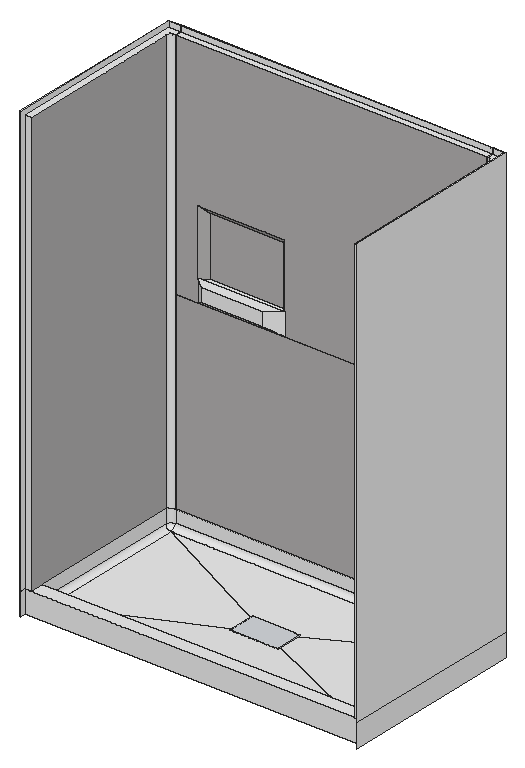
Revit family "5LRS6032SQ.V2", category Plumbing Fixtures, Revit 2019
Family settings
  Round Connector Dimension = Use Diameter
  Part Type = Normal
  OmniClass Number = 23.45.05.14.17
  OmniClass Title = Showers
  Work Plane-Based = No
  Always vertical = Yes
  Cut with Voids When Loaded = No
  Shared = No
  Room Calculation Point = No
Parameters (values of type "5LRS6032SQ.V2")
  Unit Width = 60"
  Unit Height = 80 1/2"
  Unit Depth = 33"
  URL = "http://www.bestbath.com/"
  Type Comments = "Remodeler"
  Model = "5LRS6032SQ.V2"
  Material [instance] = Best Bath Gelcoat Fiberglass - Diamond Tile
  Manufacturer = "Best Bath Systems, Inc."
  Keynote = "22 40 00.B3"
  Description = "Real Tile Finish"
  Assembly Code = "D2010710"
Reference planes (in)
  plane 1 "Back": y = -0.5
  plane 2: z = 0
  plane 3 "Left": x = 0
  plane 4: x = 60
  plane 5: y = -32.5
  plane 6: z = 79.5
  plane 7: z = 0.75
  plane 8: z = 80.5
  plane 9: x = 30
  plane 10: y = -1.75
  plane 11: y = -16.5
  plane 12: z = 0.375
  plane 13: z = 4
  plane 14: z = 38.25
  plane 15: y = -33.5
  plane 16: z = 42.25
Forms (in)
  Extrusion 1, solid, material "Best Bath Gelcoat Fiberglass - Smooth"
    sketch origin (0, 0, 0) x (1, 0, 0) y (0, 1, 0)
      loop
        line (0, -0.5) -> (0, -32.5) -> (60, -32.5) -> (60, -0.5) -> (0, -0.5)
    from 0 to 0.75
  Extrusion 2, solid, material "Best Bath Gelcoat Fiberglass - Smooth"
    sketch origin (0, 0, 0) x (1, 0, 0) y (0, 1, 0)
      loop
        line (1.25, -0.5) -> (1.25, -1.75) -> (57.75, -1.75) -> (57.75, -0.5) -> (1.25, -0.5)
    from 4 to 38.25
  Extrusion 3, solid, material "Best Bath Gelcoat Fiberglass - Smooth"
    sketch origin (0, 0, 0) x (1, 0, 0) y (0, 1, 0)
      loop
        line (0, -32.5) -> (1.25, -32.5) -> (1.25, -2.75)
        arc (1.25, -2.75) -> (1.54289, -2.04289) -> (2.25, -1.75) r 1
        line (2.25, -1.75) -> (57.75, -1.75)
        arc (57.75, -1.75) -> (58.45711, -2.04289) -> (58.75, -2.75) r 1
        line (58.75, -2.75) -> (58.75, -32.5) -> (60, -32.5) -> (60, -0.5) -> (0, -0.5) -> (0, -32.5)
    from 0 to 4
  Extrusion 4, solid, material "Best Bath Gelcoat Fiberglass - Smooth"
    sketch origin (0, 0, 0) x (1, 0, 0) y (0, 1, 0)
      loop
        line (0, -32.5) -> (1.25, -32.5) -> (1.25, -2.75)
        arc (1.25, -2.75) -> (1.54289, -2.04289) -> (2.25, -1.75) r 1
        line (2.25, -1.75) -> (2.25, -0.5) -> (0, -0.5) -> (0, -32.5)
      loop
        line (58.75, -32.5) -> (60, -32.5) -> (60, -0.5) -> (57.75, -0.5) -> (57.75, -1.75)
        arc (57.75, -1.75) -> (58.45711, -2.04289) -> (58.75, -2.75) r 1
        line (58.75, -2.75) -> (58.75, -32.5)
    from 4 to 79.5
  Sweep 5, solid, material "Best Bath Gelcoat Fiberglass - Smooth"
    path origin (0, 0, 0) x (1, 0, 0) y (0, 1, 0)
      loop
        line (1.25, -32.5) -> (1.25, -2.75)
        arc (1.25, -2.75) -> (1.54289, -2.04289) -> (2.25, -1.75) r 1
        line (2.25, -1.75) -> (57.75, -1.75)
        arc (57.75, -1.75) -> (58.45711, -2.04289) -> (58.75, -2.75) r 1
        line (58.75, -2.75) -> (58.75, -32.5)
    profile origin (1.25, -17.625, 0) x (-1, 0, 0) y (0, 0, 1)
      loop
        line (0, 0.75) -> (0, 1.7)
        arc (0, 1.7) -> (-0.27825, 1.02825) -> (-0.95, 0.75) r 0.95
        line (-0.95, 0.75) -> (0, 0.75)
  Blend 6, void
    base sketch origin (0, 0, 0) x (1, 0, 0) y (0, 1, 0)
      loop
        line (2.25, -29.5) -> (57.75, -29.5) -> (57.75, -2.75) -> (2.25, -2.75) -> (2.25, -29.5)
    top sketch origin (0, 0, 0) x (1, 0, 0) y (0, 1, 0)
      loop
        circle (30, -16.5) r 0.07155
    from 0.75 to 0.375
  Extrusion 7, solid, material "Best Bath Gelcoat Fiberglass - Smooth"
    sketch origin (0, 0, 0) x (1, 0, 0) y (0, 1, 0)
      loop
        line (1.25, -0.5) -> (1.25, -1.75) -> (57.75, -1.75) -> (57.75, -0.5) -> (1.25, -0.5)
    from 38.25 to 79.5
  Sweep 8, solid, material "Best Bath Gelcoat Fiberglass - Smooth"
    path origin (0, 0, 0) x (1, 0, 0) y (0, 1, 0)
      loop
        line (1.25, -32.5) -> (58.75, -32.5)
    profile origin (30, -32.5, 0) x (0, 1, 0) y (0, 0, 1)
      loop
        line (0, 0) -> (3.15, 0) -> (2.35, 4) -> (0, 4) -> (0, 0)
  Extrusion 9, solid, material "Best Bath Gelcoat Fiberglass - Smooth"
    sketch origin (0, 0, 0) x (1, 0, 0) y (0, 1, 0)
      loop
        line (0, -32.5) -> (0, -33.5) -> (0.125, -33.5) -> (0.125, -32.5) -> (0, -32.5)
      loop
        line (60, -32.5) -> (59.875, -32.5) -> (59.875, -33.5) -> (60, -33.5) -> (60, -32.5)
    from 0 to 4
  Extrusion 10, solid, material "Best Bath Gelcoat Fiberglass - Smooth"
    sketch origin (0, 0, 0) x (1, 0, 0) y (0, 1, 0)
      loop
        line (2.25, -0.5) -> (2.25, -0.625) -> (57.75, -0.625) -> (57.75, -0.5) -> (2.25, -0.5)
    from 79.5 to 80.5
  Extrusion 11, solid, material "Best Bath Gelcoat Fiberglass - Smooth"
    sketch origin (0, 0, 0) x (1, 0, 0) y (0, 1, 0)
      loop
        line (0, -33.5) -> (0.125, -33.5) -> (0.125, -0.625) -> (2.25, -0.625) -> (2.25, -0.5) -> (0, -0.5) -> (0, -33.5)
      loop
        line (60, -33.5) -> (60, -0.5) -> (57.75, -0.5) -> (57.75, -0.625) -> (59.875, -0.625) -> (59.875, -33.5) -> (60, -33.5)
    from 4 to 80.5
  Blend 12, void
    base sketch origin (59.5, -38.5, 0.25) x (-1, 0, 0) y (0, 0, -1)
      loop
        line (37.75, -41.75) -> (37.75, -53.5) -> (53.25, -53.5) -> (53.25, -41.75) -> (37.75, -41.75)
    top sketch origin (59.5, -38.5, 0.25) x (-1, 0, 0) y (0, 0, -1)
      loop
        line (39, -41.75) -> (39, -52.25) -> (52, -52.25) -> (52, -41.75) -> (39, -41.75)
    from -36.75 to -37.75
  Blend 13, solid, material "Best Bath Gelcoat Fiberglass - Smooth"
    base sketch origin (59.5, -38, 0.5) x (-1, 0, 0) y (0, 0, -1)
      loop
        line (53.25, -41.75) -> (53.25, -37.75) -> (37.75, -37.75) -> (37.75, -41.75) -> (53.25, -41.75)
    top sketch origin (59.5, -38, 0.5) x (-1, 0, 0) y (0, 0, -1)
      loop
        line (40.125, -41.75) -> (50.875, -41.75) -> (50.875, -39.375) -> (40.125, -39.375) -> (40.125, -41.75)
    from -36.25 to -34.25
  Blend 14, void
    base sketch origin (0.5, -38.5, 0.25) x (1, 0, 0) y (0, 0, 1)
      loop
        line (37.75, 41.75) -> (53.25, 41.75) -> (53.25, 53.5) -> (37.75, 53.5) -> (37.75, 41.75)
    top sketch origin (0.5, -38.5, 0.25) x (1, 0, 0) y (0, 0, 1)
      loop
        line (39, 41.75) -> (52, 41.75) -> (52, 52.25) -> (39, 52.25) -> (39, 41.75)
    from -36.75 to -37.75
  Blend 15, solid, material "Best Bath Gelcoat Fiberglass - Smooth"
    base sketch origin (0.5, -38, 0.5) x (1, 0, 0) y (0, 0, 1)
      loop
        line (53.25, 41.75) -> (37.75, 41.75) -> (37.75, 37.75) -> (53.25, 37.75) -> (53.25, 41.75)
    top sketch origin (0.5, -38, 0.5) x (1, 0, 0) y (0, 0, 1)
      loop
        line (40.125, 41.75) -> (40.125, 39.375) -> (50.875, 39.375) -> (50.875, 41.75) -> (40.125, 41.75)
    from -36.25 to -34.25
  Extrusion 16, void
    sketch origin (0, 0, 0.75) x (0, 1, 0) y (1, 0, 0)
      loop
        line (-14, 25.75) -> (-14, 34.25) -> (-19, 34.25) -> (-19, 25.75) -> (-14, 25.75)
    from 0 to 0.5
  Extrusion 17, void
    sketch origin (0, 0, 0.75) x (0, 1, 0) y (1, 0, 0)
      loop
        circle (-16.5, 30) r 1.25
    from 0 to 1
  Extrusion 18, solid
    sketch origin (0, 0, 0.25) x (0, 1, 0) y (-1, 0, 0)
      loop
        line (-14, -25.75) -> (-19, -25.75) -> (-19, -34.25) -> (-14, -34.25) -> (-14, -25.75)
    from 0 to 0.25
Cuts and joins
  Blend 6, Extrusion 16, Extrusion 17 cuts Extrusion 1
  Blend 6, Extrusion 16, Extrusion 17 cuts Extrusion 3
  Blend 6, Extrusion 16, Extrusion 17 cuts Sweep 5
  Extrusion 16, Extrusion 17 cuts Sweep 8
  Extrusion 16, Extrusion 17 cuts Extrusion 9
  joined: Extrusion 1, Extrusion 3, Sweep 5, Sweep 8, Extrusion 9
  Blend 12, Blend 14 cuts Extrusion 7
  Blend 12, Blend 14 cuts Extrusion 10
  Blend 14 cuts Blend 13
  joined: Extrusion 7, Extrusion 10, Blend 13
  joined: Extrusion 4, Extrusion 11
Dimensions and locks (in)
  "Unit Width": plane 3 "Left" to plane 4
  locked: plane 7 to level at 0.75
  locked: plane 8 to plane 6 at 1
  "Unit Height": plane 8 to level
  plane 3 "Left" to plane 9 to plane 4 = 30", 30"
  locked: plane 1 "Back" to plane 11 at 16
  plane 10 to plane 1 "Back" = 1 1/4"
  locked: plane 7 to plane 12 at 0.375
  locked: plane 14 to plane 13 at 34.25
  locked: plane 13 to level at 4
  locked: plane 5 to plane 15 at 1
  "Unit Depth": plane 15 to plane 1 "Back"
  locked: plane 16 to plane 13 at 38.25
  aligned and locked: level to plane 2
  aligned and locked: Extrusion 1 to plane 7
  aligned and locked: plane 5 to Extrusion 1 sketch curve
  aligned and locked: plane 4 to Extrusion 1 sketch curve
  aligned and locked: Extrusion 2 sketch curve to Extrusion 1
  aligned and locked: Extrusion 2 sketch curve to plane 10
  aligned and locked: plane 13 to Extrusion 3
  aligned and locked: Extrusion 2 to plane 13
  aligned and locked: Extrusion 4 to Extrusion 2
  aligned and locked: plane 6 to Extrusion 4
  aligned and locked: Sweep 5 sketch curve to plane 7
  aligned and locked: plane 11 to Blend 6 sketch curve
  aligned and locked: plane 9 to Blend 6 sketch curve
  aligned and locked: Blend 6 to plane 12
  aligned and locked: Extrusion 1 to Blend 6
  aligned and locked: plane 14 to Extrusion 2
  aligned and locked: Extrusion 7 to Extrusion 2  (x2)
  aligned and locked: plane 6 to Extrusion 7
  aligned and locked: Extrusion 9 to Extrusion 2
  aligned and locked: plane 8 to Extrusion 10
  aligned and locked: Extrusion 10 to plane 6
  aligned and locked: Extrusion 11 to Extrusion 2
  aligned and locked: plane 8 to Extrusion 11
  aligned and locked: Extrusion 7 to cut or joined group of Extrusion 1, Extrusion 3, Sweep 5, Blend 6, Sweep 8, Extrusion 9, Extrusion 16, Extrusion 17
  aligned and locked: Extrusion 2 to cut or joined group of Extrusion 1, Extrusion 3, Sweep 5, Blend 6, Sweep 8, Extrusion 9, Extrusion 16, Extrusion 17
  aligned and locked: Extrusion 2 to cut or joined group of Extrusion 4, Extrusion 11
  aligned and locked: Extrusion 3 to Sweep 5
Automatic sketch dimensions
  Extrusion 3 sketch curve to plane 3 "Left" = 0"
  Extrusion 3 sketch curve to plane 5 = 0"  (x2)
  Extrusion 3 sketch curve to plane 10 = 0"
  plane 1 "Back" to Extrusion 3 sketch curve = 0"
  Extrusion 3 sketch curve to plane 4 = 0"
  plane 3 "Left" to Extrusion 3 sketch curve = 1 1/4"
  Extrusion 3 sketch curve to plane 10 = 1"
  plane 4 to Extrusion 3 sketch curve = 2 1/4"
  plane 4 to Extrusion 3 sketch curve = 1 1/4"
  Sweep 5 sketch curve to plane 5 = 0"  (x2)
  Sweep 5 sketch curve to plane 10 = 0"
  plane 3 "Left" to Sweep 5 sketch curve = 1 1/4"
  Sweep 5 sketch curve to Sweep 5 sketch curve = 1"
  Sweep 5 sketch curve to plane 10 = 1"
  plane 4 to Sweep 5 sketch curve = 2 1/4"
  Sweep 5 sketch curve to profile plane = 0"
  profile plane to Sweep 5 sketch curve = 0.95"
  Blend 6 sketch curve to plane 10 = 1"
  plane 3 "Left" to Blend 6 sketch curve = 2 1/4"
  plane 4 to Blend 6 sketch curve = 2 1/4"
  plane 5 to Blend 6 sketch curve = 3"
  plane 1 "Back" to Extrusion 7 sketch curve = 0"
  Extrusion 7 sketch curve to plane 10 = 0"
  plane 3 "Left" to Extrusion 7 sketch curve = 1 1/4"
  plane 4 to Extrusion 7 sketch curve = 2 1/4"
  Sweep 8 sketch curve to plane 5 = 0"
  plane 3 "Left" to Sweep 8 sketch curve = 1 1/4"
  plane 4 to Sweep 8 sketch curve = 1 1/4"
  Extrusion 9 sketch curve to plane 3 "Left" = 0"
  Extrusion 9 sketch curve to plane 15 = 0"  (x2)
  Extrusion 9 sketch curve to plane 5 = 0"  (x2)
  Extrusion 9 sketch curve to plane 4 = 0"
  plane 3 "Left" to Extrusion 9 sketch curve = 1/8"
  Extrusion 9 sketch curve to Extrusion 9 sketch curve = 1/8"
  plane 1 "Back" to Extrusion 10 sketch curve = 0"
  plane 1 "Back" to Extrusion 10 sketch curve = 1/8"
  plane 3 "Left" to Extrusion 10 sketch curve = 2 1/4"
  plane 4 to Extrusion 10 sketch curve = 2 1/4"
  Extrusion 11 sketch curve to plane 3 "Left" = 0"
  Extrusion 11 sketch curve to plane 15 = 0"  (x2)
  plane 1 "Back" to Extrusion 11 sketch curve = 0"  (x2)
  Extrusion 11 sketch curve to plane 4 = 0"
  plane 3 "Left" to Extrusion 11 sketch curve = 1/8"
  plane 1 "Back" to Extrusion 11 sketch curve = 1/8"  (x2)
  Extrusion 11 sketch curve to Extrusion 11 sketch curve = 2 1/8"
  Extrusion 11 sketch curve to Extrusion 11 sketch curve = 2 1/4"
  Extrusion 11 sketch curve to Extrusion 11 sketch curve = 1/8"
  Blend 12 sketch curve to plane 16 = 1/4"  (x2)
  plane 9 to Blend 12 sketch curve = 8 1/4"
  plane 3 "Left" to Blend 12 sketch curve = 6 1/4"
  plane 16 to Blend 12 sketch curve = 11 1/2"
  plane 9 to Blend 12 sketch curve = 9 1/2"
  plane 3 "Left" to Blend 12 sketch curve = 7 1/2"
  plane 16 to Blend 12 sketch curve = 10 1/4"
  Blend 13 sketch curve to plane 16 = 0"  (x2)
  Blend 13 sketch curve to plane 14 = 0"
  plane 9 to Blend 13 sketch curve = 8 1/4"
  plane 3 "Left" to Blend 13 sketch curve = 6 1/4"
  plane 14 to Blend 13 sketch curve = 1 5/8"
  plane 9 to Blend 13 sketch curve = 10 5/8"
  plane 3 "Left" to Blend 13 sketch curve = 8 5/8"
  Blend 14 sketch curve to plane 16 = 1/4"  (x2)
  Blend 14 sketch curve to plane 9 = 8 1/4"
  plane 4 to Blend 14 sketch curve = 6 1/4"
  plane 16 to Blend 14 sketch curve = 11 1/2"
  Blend 14 sketch curve to plane 9 = 9 1/2"
  plane 4 to Blend 14 sketch curve = 7 1/2"
  plane 16 to Blend 14 sketch curve = 10 1/4"
  Blend 15 sketch curve to plane 16 = 0"  (x2)
  Blend 15 sketch curve to plane 14 = 0"
  Blend 15 sketch curve to plane 9 = 8 1/4"
  plane 4 to Blend 15 sketch curve = 6 1/4"
  plane 14 to Blend 15 sketch curve = 1 5/8"
  Blend 15 sketch curve to plane 9 = 10 5/8"
  plane 4 to Blend 15 sketch curve = 8 5/8"
  Sweep 8 sketch curve to profile plane = 0"  (x2)
  Sweep 8 sketch curve to profile plane = 2.35"
  Sweep 8 sketch curve to profile plane = 3.15"
  profile plane to Sweep 8 sketch curve = 4"
  Extrusion 1 sketch curve to plane 3 "Left" = 0"
  plane 1 "Back" to Extrusion 1 sketch curve = 0"
  Extrusion 16 sketch curve to Extrusion 1 = 25 3/4"
  Extrusion 16 sketch curve to Extrusion 16 sketch curve = 8 1/2"
  Extrusion 16 sketch curve to Extrusion 1 = 13 1/2"
  Extrusion 16 sketch curve to Extrusion 16 sketch curve = 5"
  Extrusion 17 sketch curve to Extrusion 1 = 16"
  Extrusion 17 sketch curve to Extrusion 1 = 30"
  Extrusion 18 sketch curve to Extrusion 16 = 0"  (x4)
  plane 3 "Left" to Extrusion 2 sketch curve = 1 1/4"
  plane 4 to Extrusion 2 sketch curve = 2 1/4"
  plane 1 "Back" to Extrusion 4 sketch curve = 0"  (x2)
  Extrusion 4 sketch curve to plane 3 "Left" = 0"
  Extrusion 4 sketch curve to plane 5 = 0"  (x2)
  Extrusion 4 sketch curve to plane 10 = 0"  (x2)
  Extrusion 4 sketch curve to plane 4 = 0"
  plane 3 "Left" to Extrusion 4 sketch curve = 1 1/4"
  Extrusion 4 sketch curve to plane 10 = 1"  (x2)
  plane 4 to Extrusion 4 sketch curve = 2 1/4"
  radius of Blend 6 sketch curve = 0.07155"
  radius of Extrusion 17 sketch curve = 1 1/4"
